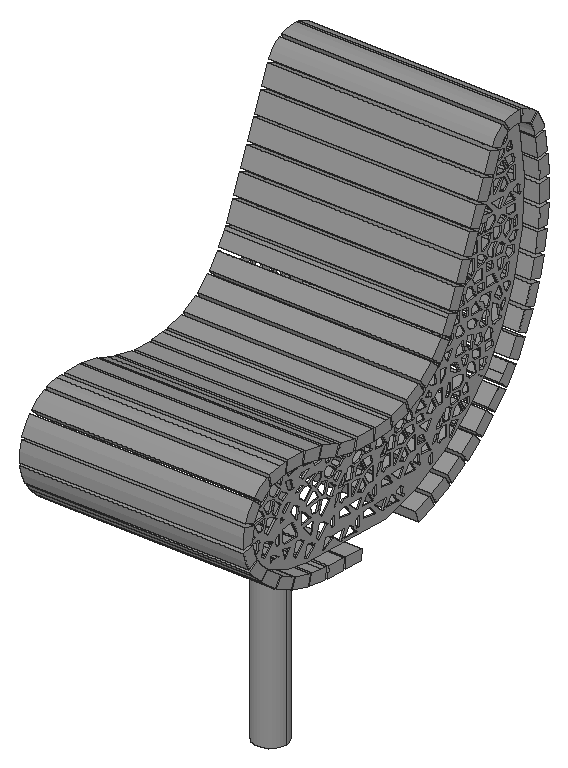
Revit family "Кресло стальное «Филигран Уно» Арт 14883", category Антураж, Revit 2018 (continued)
Forms (mm)
  Extrusion 3, solid, material "Сталь" <- "Цвет опор"
    sketch origin (0, 0, 0) x (0, 1, 0) y (0, 0, 1)
      loop
        line (420.931, 368.55) -> (398.935, 391.622) -> (383.939, 391.98) -> (374.725, 383.196) -> (374.367, 368.2) -> (394.497, 353.376) -> (409.493, 353.018) -> (420.931, 368.55)
      loop
        line (355.99, 392.648) -> (329.307, 374.899) -> (329.041, 363.782) -> (342.842, 349.307) -> (368.731, 366.528) -> (369.124, 382.976) -> (355.99, 392.648)
      loop
        line (302.127, 386.861) -> (317.149, 371.104) -> (349.761, 392.797) -> (309.365, 393.762) -> (302.127, 386.861)
      loop
        line (302.849, 328.005) -> (329.794, 353.693) -> (320.668, 367.413) -> (301.817, 372.95) -> (278.017, 359.83) -> (277.659, 344.835) -> (290.362, 341.104) -> (302.849, 328.005)
      loop
        line (331.473, 346.782) -> (306.14, 322.631) -> (305.837, 309.941) -> (358.054, 316.279) -> (344.912, 340.12) -> (331.473, 346.782)
      loop
        line (391.826, 350.991) -> (369.234, 357.627) -> (349.52, 344.513) -> (366.703, 318.682) -> (381.095, 314.454) -> (391.826, 350.991)
      loop
        line (276.906, 365.028) -> (299.55, 377.51) -> (285.992, 384.23) -> (257.716, 370.664) -> (276.906, 365.028)
      loop
        line (321.112, 304.721) -> (329.815, 281.284) -> (351.753, 276.874) -> (362.43, 313.226) -> (321.112, 304.721)
      loop
        line (324.076, 273.599) -> (286.798, 312.702) -> (285.675, 265.694) -> (324.076, 273.599)
      loop
        line (277.229, 326.823) -> (257.098, 341.647) -> (242.622, 327.847) -> (272.674, 282.671) -> (277.229, 326.823)
      loop
        line (249.566, 355.282) -> (225.861, 360.048) -> (211.173, 340.104) -> (221.872, 328.881) -> (249.566, 355.282)
      loop
        line (605.719, 424.728) -> (573.842, 424.728) -> (563.236, 414.122) -> (563.236, 401.391) -> (573.842, 390.784) -> (598.462, 395.125) -> (609.069, 405.732) -> (605.719, 424.728)
      loop
        line (598.345, 391.546) -> (577.954, 379.774) -> (573.842, 356.455) -> (604.395, 351.068) -> (617.385, 358.568) -> (598.345, 391.546)
      loop
        line (331.898, 434.536) -> (336.659, 413.292) -> (375.785, 415.091) -> (341.656, 436.723) -> (331.898, 434.536)
      loop
        line (299.034, 428.811) -> (324.872, 427.848) -> (316.713, 440.591) -> (285.488, 443.525) -> (299.034, 428.811)
      loop
        line (270.58, 434.539) -> (252.715, 450.833) -> (229.854, 441.302) -> (233.244, 426.172) -> (270.58, 434.539)
      loop
        line (277.378, 411.61) -> (292.401, 395.852) -> (325.012, 417.545) -> (284.616, 418.51) -> (277.378, 411.61)
      loop
        line (687.793, 173.993) -> (680.044, 217.938) -> (653.647, 199.454) -> (687.793, 173.993)
      loop
        line (615.464, 172.718) -> (668.531, 169.937) -> (643.777, 205.289) -> (615.464, 172.718)
      loop
        line (625.666, 202.714) -> (571.64, 202.714) -> (604.889, 169.465) -> (625.666, 202.714)
      loop
        line (554.817, 205.532) -> (530.197, 201.191) -> (530.197, 181.191) -> (583.631, 171.769) -> (554.817, 205.532)
      loop
        line (515.13, 205.147) -> (495.324, 191.279) -> (499.625, 166.886) -> (515.13, 166.886) -> (515.13, 205.147)
      loop
        line (451.111, 157.902) -> (504.178, 155.121) -> (479.424, 190.472) -> (451.111, 157.902)
      loop
        line (461.312, 187.898) -> (407.287, 187.898) -> (440.536, 154.649) -> (461.312, 187.898)
      loop
        line (357.246, 195.57) -> (391.782, 228.495) -> (372.375, 242.785) -> (354.807, 246.318) -> (343.987, 209.477) -> (357.246, 195.57)
      loop
        line (267.904, 184.725) -> (302.44, 217.65) -> (283.034, 231.941) -> (265.466, 235.473) -> (254.645, 198.633) -> (267.904, 184.725)
      loop
        line (311.487, 164.378) -> (346.023, 190.417) -> (326.617, 204.708) -> (309.048, 208.24) -> (298.228, 171.399) -> (311.487, 164.378)
      loop
        line (380.423, 159.244) -> (414.959, 178.261) -> (395.553, 192.552) -> (377.985, 196.084) -> (367.165, 159.244) -> (380.423, 159.244)
      loop
        line (251.989, 409.226) -> (241.68, 419.536) -> (221.601, 419.536) -> (233.442, 391.133) -> (257.31, 383.378) -> (251.989, 409.226)
      loop
        line (273.653, 255.115) -> (249.185, 297.496) -> (211.226, 289.682) -> (211.226, 256.419) -> (223.653, 243.992) -> (273.653, 243.992) -> (273.653, 255.115)
      loop
        line (209.309, 334.893) -> (199.617, 305.066) -> (217.451, 315.363) -> (209.309, 334.893)
      loop
        line (205.126, 288.553) -> (185.319, 274.685) -> (189.62, 250.292) -> (205.126, 250.292) -> (205.126, 288.553)
      loop
        line (218.031, 463.039) -> (189.08, 435.438) -> (213.231, 410.105) -> (218.031, 463.039)
      loop
        line (200.781, 471.704) -> (165.762, 452.4) -> (170.551, 439.502) -> (185.547, 439.143) -> (209.79, 462.255) -> (200.781, 471.704)
      loop
        line (208.868, 401.692) -> (197.009, 385.588) -> (213.542, 368.246) -> (239.497, 382.553) -> (208.868, 401.692)
      loop
        line (191.499, 336.585) -> (208.989, 360.336) -> (182.517, 388.102) -> (171.674, 351.184) -> (191.499, 336.585)
      loop
        line (156.082, 298.099) -> (190.618, 331.024) -> (171.212, 345.315) -> (153.644, 348.847) -> (142.823, 312.007) -> (156.082, 298.099)
      loop
        line (81.62, 300.429) -> (116.224, 260.101) -> (124.731, 302.411) -> (81.62, 300.429)
      loop
        line (207.225, 408.694) -> (185.229, 431.766) -> (170.233, 432.124) -> (161.018, 423.34) -> (160.66, 408.344) -> (180.791, 393.52) -> (195.786, 393.161) -> (207.225, 408.694)
      loop
        line (142.283, 432.792) -> (115.601, 415.042) -> (115.335, 403.926) -> (129.136, 389.45) -> (155.025, 406.672) -> (155.418, 423.12) -> (142.283, 432.792)
      loop
        line (88.42, 427.005) -> (103.443, 411.247) -> (136.054, 432.941) -> (95.658, 433.905) -> (88.42, 427.005)
      loop
        line (89.143, 368.149) -> (116.088, 393.837) -> (106.962, 407.557) -> (88.11, 413.093) -> (64.311, 399.974) -> (63.953, 384.978) -> (76.655, 381.248) -> (89.143, 368.149)
      loop
        line (117.766, 386.926) -> (92.434, 362.775) -> (92.131, 350.085) -> (144.348, 356.423) -> (131.206, 380.264) -> (117.766, 386.926)
      loop
        line (178.12, 391.135) -> (155.528, 397.77) -> (135.813, 384.656) -> (152.996, 358.825) -> (167.388, 354.598) -> (178.12, 391.135)
      loop
        line (63.2, 405.171) -> (85.843, 417.654) -> (72.286, 424.374) -> (56.729, 416.91) -> (63.2, 405.171)
      loop
        line (107.406, 344.865) -> (116.109, 321.428) -> (138.046, 317.018) -> (148.723, 353.37) -> (107.406, 344.865)
      loop
        line (110.37, 313.743) -> (73.091, 352.846) -> (71.969, 305.838) -> (110.37, 313.743)
      loop
        line (118.191, 474.68) -> (122.952, 453.436) -> (162.079, 455.235) -> (127.949, 476.867) -> (118.191, 474.68)
      loop
        line (247.606, 228.041) -> (209.546, 239.22) -> (224.694, 196.928) -> (247.606, 228.041)
      loop
        line (143.539, 235.713) -> (178.075, 268.638) -> (158.669, 282.929) -> (141.101, 286.461) -> (130.28, 249.621) -> (143.539, 235.713)
      loop
        line (176.601, 218.405) -> (201.253, 218.405) -> (181.847, 232.696) -> (164.279, 236.228) -> (164.279, 210.208) -> (176.601, 218.405)
      loop
        line (881.185, 644.818) -> (850.284, 642.114) -> (850.284, 615.326) -> (868.016, 602.104) -> (881.185, 615.272) -> (881.185, 644.818)
      loop
        line (949.41, 670.139) -> (926.053, 693.496) -> (908.027, 687.055) -> (908.027, 658.667) -> (933.027, 658.667) -> (949.41, 670.139)
      loop
        line (862.057, 650.287) -> (897.057, 650.287) -> (899.647, 687.331) -> (874.729, 675.159) -> (862.057, 650.287)
      loop
        line (905.383, 605.373) -> (928.154, 607.365) -> (919.297, 649.037) -> (896.18, 637.745) -> (892.707, 618.049) -> (905.383, 605.373)
      loop
        line (940.304, 608.208) -> (969.02, 614.312) -> (956.167, 650.287) -> (936.585, 650.287) -> (927.804, 629.859) -> (940.304, 608.208)
      loop
        line (976.585, 614.312) -> (1006.365, 614.312) -> (1006.365, 640.46) -> (976.585, 640.46) -> (976.585, 614.312)
      loop
        line (1010.196, 615.272) -> (1056.141, 615.272) -> (1035.925, 650.287) -> (1010.196, 650.287) -> (1010.196, 615.272)
      loop
        line (1096.256, 614.312) -> (1103.084, 653.04) -> (1089.486, 653.04) -> (1064.737, 628.291) -> (1071.256, 614.312) -> (1096.256, 614.312)
      loop
        line (1102.009, 658.879) -> (1122.727, 668.54) -> (1122.727, 691.918) -> (1101.205, 698.911) -> (1093.248, 698.911) -> (1085.67, 684.039) -> (1102.009, 658.879)
      loop
        line (1082.901, 680.354) -> (1053.658, 677.796) -> (1056.573, 644.47) -> (1076.573, 644.47) -> (1082.901, 680.354)
      loop
        line (1029.507, 688.822) -> (1010.196, 688.822) -> (1010.196, 661.015) -> (1040.615, 661.015) -> (1038.436, 685.92) -> (1029.507, 688.822)
      loop
        line (1000.196, 681.534) -> (974.009, 683.365) -> (956.032, 665.388) -> (967.228, 645.996) -> (1000.196, 645.996) -> (1000.196, 681.534)
      loop
        line (927.323, 723.893) -> (905.6, 723.893) -> (896.893, 703.636) -> (914.713, 694.556) -> (927.323, 723.893)
      loop
        line (967.228, 725.245) -> (940.334, 725.245) -> (927.834, 703.595) -> (956.621, 672.724) -> (967.228, 683.331) -> (967.228, 725.245)
      loop
        line (989.009, 723.893) -> (974.009, 723.893) -> (974.009, 688.822) -> (1004.009, 688.822) -> (1012.096, 699.668) -> (1009.82, 710.378) -> (989.009, 723.893)
      loop
        line (1057.346, 729.7) -> (1033.898, 737.319) -> (1014.469, 721.586) -> (1018.627, 702.023) -> (1042.056, 688.497) -> (1043.222, 710.76) -> (1057.346, 729.7)
      loop
        line (1083.392, 708.767) -> (1064.669, 727.49) -> (1050.279, 708.193) -> (1046.806, 688.497) -> (1076.806, 688.497) -> (1083.392, 708.767)
      loop
        line (1116.981, 732.979) -> (1094.23, 719.844) -> (1107.366, 703.622) -> (1128.913, 703.622) -> (1134.09, 732.979) -> (1116.981, 732.979)
      loop
        line (1136.575, 776.964) -> (1116.981, 765.652) -> (1116.981, 739.261) -> (1134.599, 739.261) -> (1136.575, 776.964)
      loop
        line (1110.734, 767.88) -> (1100.85, 777.764) -> (1078.852, 765.064) -> (1075.379, 745.368) -> (1086.445, 726.201) -> (1109.103, 736.767) -> (1110.734, 767.88)
      loop
        line (1054.049, 773.606) -> (1038.304, 773.606) -> (1036.668, 742.375) -> (1060.921, 734.495) -> (1071.052, 748.081) -> (1071.052, 768.081) -> (1054.049, 773.606)
      loop
        line (1032.466, 770.234) -> (989.009, 770.234) -> (989.009, 729.385) -> (1002.374, 722.575) -> (1026.521, 736.517) -> (1032.466, 770.234)
      loop
        line (968.125, 770.234) -> (946.912, 749.02) -> (943.752, 731.102) -> (980.516, 731.102) -> (980.516, 770.234) -> (968.125, 770.234)
      loop
        line (938.024, 761.388) -> (915.059, 771.259) -> (905.381, 741.475) -> (932.112, 727.855) -> (938.024, 761.388)
      loop
        line (956.19, 803.394) -> (922.054, 776.725) -> (939.846, 765.607) -> (960.324, 779.947) -> (956.19, 803.394)
      loop
        line (973.942, 850.595) -> (954.135, 836.727) -> (958.436, 812.334) -> (973.942, 812.334) -> (973.942, 850.595)
      loop
        line (1009.175, 805.706) -> (984.757, 810.012) -> (973.942, 776.725) -> (996.717, 776.725) -> (1009.175, 805.706)
      loop
        line (1044.886, 814.354) -> (1015.11, 810.169) -> (1003.23, 773.606) -> (1033.23, 773.606) -> (1050.907, 791.284) -> (1046.152, 818.251) -> (1044.886, 814.354)
      loop
        line (1095.102, 781.967) -> (1068.332, 801.928) -> (1053.447, 781.967) -> (1073.451, 769.467) -> (1095.102, 781.967)
      loop
        line (1129.049, 807.565) -> (1089.049, 807.565) -> (1089.049, 792.565) -> (1106.01, 781.967) -> (1129.049, 781.967) -> (1129.049, 807.565)
      loop
        line (1138.856, 863.385) -> (1112.459, 844.902) -> (1146.604, 819.441) -> (1138.856, 863.385)
      loop
        line (1102.589, 850.737) -> (1074.276, 818.166) -> (1127.343, 815.385) -> (1102.589, 850.737)
      loop
        line (1084.477, 848.162) -> (1030.452, 848.162) -> (1063.701, 814.913) -> (1084.477, 848.162)
      loop
        line (1013.629, 850.98) -> (989.009, 846.639) -> (989.009, 826.639) -> (1042.442, 817.217) -> (1013.629, 850.98)
      loop
        line (992.344, 902.11) -> (978.125, 896.935) -> (968.433, 867.108) -> (985.754, 877.108) -> (992.344, 902.11)
      loop
        line (1030.452, 907.567) -> (1014.224, 910.428) -> (997.209, 900.605) -> (990.282, 874.326) -> (1000.889, 863.72) -> (1012.354, 870.339) -> (1030.452, 870.339) -> (1030.452, 907.567)
      loop
        line (1050.708, 909.143) -> (1036.612, 904.013) -> (1036.612, 869.013) -> (1045.588, 860.037) -> (1077.031, 902.205) -> (1050.708, 909.143)
      loop
        line (1082.261, 903.265) -> (1059.907, 867.491) -> (1082.875, 857.619) -> (1101.204, 870.453) -> (1082.261, 903.265)
      loop
        line (1103.608, 913.984) -> (1088.929, 903.706) -> (1108.128, 870.453) -> (1127.343, 870.453) -> (1127.343, 918.169) -> (1103.608, 913.984)
      loop
        line (1118.803, 951.691) -> (1080.44, 951.691) -> (1099.679, 918.368) -> (1123.925, 922.644) -> (1118.803, 951.691)
      loop
        line (1075.21, 950.601) -> (1054.819, 938.828) -> (1050.708, 915.509) -> (1081.26, 910.122) -> (1094.251, 917.622) -> (1075.21, 950.601)
      loop
        line (1048.029, 944.606) -> (1036.396, 956.239) -> (1020.332, 953.407) -> (1014.767, 921.847) -> (1022.63, 913.984) -> (1042.63, 913.984) -> (1048.029, 944.606)
      loop
        line (1015.926, 949.001) -> (987.354, 920.428) -> (987.354, 910.428) -> (1009.125, 910.428) -> (1015.926, 949.001)
      loop
        line (1008.425, 965.369) -> (1014.62, 954.64) -> (1034.998, 962.057) -> (1034.998, 974.417) -> (1019.442, 981.104) -> (1008.425, 965.369)
      loop
        line (1082.585, 983.782) -> (1050.708, 983.782) -> (1040.101, 973.176) -> (1040.101, 960.445) -> (1050.708, 949.838) -> (1075.328, 954.179) -> (1085.934, 964.786) -> (1082.585, 983.782)
      loop
        line (1102.668, 994.022) -> (1088.787, 980.141) -> (1092.26, 960.445) -> (1117.26, 960.445) -> (1112.05, 989.989) -> (1102.668, 994.022)
      loop
        line (1075.708, 1029.103) -> (1050.708, 1029.103) -> (1050.708, 989.103) -> (1085.708, 989.103) -> (1096.314, 999.71) -> (1096.314, 1020.246) -> (1075.708, 1029.103)
      loop
        line (1032.532, 1022.597) -> (1022.34, 983.93) -> (1034.981, 978.497) -> (1045.588, 989.103) -> (1045.588, 1022.597) -> (1032.532, 1022.597)
    from 645 to 650
  Extrusion 4, solid, material "Сталь" <- "Цвет опор"
    sketch origin (0, -10, 0) x (1, 0, 0) y (0, 1, 0)
      loop
        circle (350, 552.692) r 50
    from -545.375 to 425.46
  Extrusion 5, solid, material "Сталь" <- "Цвет опор"
    sketch origin (0, 0, 0) x (1, 0, 0) y (0, 1, 0)
      loop
        circle (350, 542.692) r 50
      loop
        circle (350, 542.692) r 65
    from 0 to 10
  Extrusion 6, solid, material "Сталь" <- "Цвет опор"
    sketch origin (0, 0, 0) x (1, 0, 0) y (0, 1, 0)
      loop
        circle (350, 542.692) r 50
      loop
        circle (350, 542.692) r 65
    from 10 to 20
Dimensions and locks
  "Длина": plane 3 "По центру (Влево/Вправо)" to plane 4
  "Ширина": plane 5 to plane 1 "По центру (Вперед/Назад)"
  "Высота": plane 6 to plane 2
  aligned and locked: level to plane 2
Automatic sketch dimensions
  Extrusion 1 sketch curve to Extrusion 1 sketch curve = 0 mm  (x1154)
  plane 1 "По центру (Вперед/Назад)" to Extrusion 1 sketch curve = 1.552 mm
  plane 1 "По центру (Вперед/Назад)" to Extrusion 1 sketch curve = 0.364 mm
  Extrusion 1 sketch curve to plane 1 "По центру (Вперед/Назад)" = 4.368 mm
  Extrusion 1 sketch curve to plane 1 "По центру (Вперед/Назад)" = 7.494 mm
  Extrusion 1 sketch curve to plane 1 "По центру (Вперед/Назад)" = 19.395 mm
  Extrusion 1 sketch curve to Extrusion 1 sketch curve = 5.278 mm
  Extrusion 1 sketch curve to plane 1 "По центру (Вперед/Назад)" = 33.251 mm
  Extrusion 1 sketch curve to Extrusion 1 sketch curve = 0.883 mm
  Extrusion 1 sketch curve to plane 1 "По центру (Вперед/Назад)" = 37.98 mm
  Extrusion 1 sketch curve to Extrusion 1 sketch curve = 33.779 mm
  Extrusion 1 sketch curve to Extrusion 1 sketch curve = 2.486 mm
  Extrusion 1 sketch curve to Extrusion 1 sketch curve = 6.852 mm
  Extrusion 1 sketch curve to Extrusion 1 sketch curve = 29.924 mm
  Extrusion 1 sketch curve to Extrusion 1 sketch curve = 4.086 mm
  Extrusion 1 sketch curve to Extrusion 1 sketch curve = 26.711 mm
  Extrusion 1 sketch curve to Extrusion 1 sketch curve = 40.315 mm
  Extrusion 1 sketch curve to Extrusion 1 sketch curve = 5.387 mm
  Extrusion 1 sketch curve to Extrusion 1 sketch curve = 7.49 mm
  Extrusion 1 sketch curve to Extrusion 1 sketch curve = 23.511 mm
  Extrusion 1 sketch curve to Extrusion 1 sketch curve = 49.322 mm
  Extrusion 1 sketch curve to Extrusion 1 sketch curve = 6.842 mm
  Extrusion 1 sketch curve to Extrusion 1 sketch curve = 9.188 mm
  Extrusion 1 sketch curve to Extrusion 1 sketch curve = 9.29 mm
  Extrusion 1 sketch curve to Extrusion 1 sketch curve = 6.885 mm
  Extrusion 1 sketch curve to Extrusion 1 sketch curve = 48.163 mm
  Extrusion 1 sketch curve to Extrusion 1 sketch curve = 8.519 mm
  Extrusion 1 sketch curve to Extrusion 1 sketch curve = 18.698 mm
  Extrusion 1 sketch curve to Extrusion 1 sketch curve = 7.782 mm
  Extrusion 1 sketch curve to Extrusion 1 sketch curve = 54.656 mm
  Extrusion 1 sketch curve to Extrusion 1 sketch curve = 50.29 mm
  Extrusion 1 sketch curve to Extrusion 1 sketch curve = 2.135 mm
  Extrusion 1 sketch curve to Extrusion 1 sketch curve = 9.429 mm
  Extrusion 1 sketch curve to Extrusion 1 sketch curve = 10.053 mm
  Extrusion 1 sketch curve to Extrusion 1 sketch curve = 53.587 mm
  Extrusion 1 sketch curve to Extrusion 1 sketch curve = 0.18 mm
  Extrusion 1 sketch curve to Extrusion 1 sketch curve = 9.293 mm
  Extrusion 1 sketch curve to Extrusion 1 sketch curve = 13.327 mm
  Extrusion 1 sketch curve to Extrusion 1 sketch curve = 8.489 mm
  Extrusion 1 sketch curve to Extrusion 1 sketch curve = 55.548 mm
  Extrusion 1 sketch curve to Extrusion 1 sketch curve = 7.242 mm
  Extrusion 1 sketch curve to Extrusion 1 sketch curve = 9.36 mm
  Extrusion 1 sketch curve to Extrusion 1 sketch curve = 9.969 mm
  Extrusion 1 sketch curve to Extrusion 1 sketch curve = 57.411 mm
  Extrusion 1 sketch curve to Extrusion 1 sketch curve = 7.559 mm
  Extrusion 1 sketch curve to Extrusion 1 sketch curve = 9.79 mm
  Extrusion 1 sketch curve to Extrusion 1 sketch curve = 8.943 mm
  Extrusion 1 sketch curve to Extrusion 1 sketch curve = 54.408 mm
  Extrusion 1 sketch curve to Extrusion 1 sketch curve = 9.051 mm
  Extrusion 1 sketch curve to Extrusion 1 sketch curve = 12.183 mm
  Extrusion 1 sketch curve to Extrusion 1 sketch curve = 9.61 mm
  level to Extrusion 1 sketch curve = 121.143 mm
  Extrusion 1 sketch curve to Extrusion 1 sketch curve = 59.482 mm
  level to Extrusion 1 sketch curve = 156.022 mm
  Extrusion 1 sketch curve to Extrusion 1 sketch curve = 2.912 mm
  level to Extrusion 1 sketch curve = 120.323 mm
  Extrusion 1 sketch curve to Extrusion 1 sketch curve = 9.966 mm
  Extrusion 1 sketch curve to Extrusion 1 sketch curve = 9.886 mm
  Extrusion 1 sketch curve to Extrusion 1 sketch curve = 25.806 mm
  Extrusion 1 sketch curve to Extrusion 1 sketch curve = 56.685 mm
  Extrusion 1 sketch curve to Extrusion 1 sketch curve = 10.29 mm
  Extrusion 1 sketch curve to Extrusion 1 sketch curve = 13.466 mm
  Extrusion 1 sketch curve to Extrusion 1 sketch curve = 9.567 mm
  Extrusion 1 sketch curve to Extrusion 1 sketch curve = 42.006 mm
  level to Extrusion 1 sketch curve = 115.883 mm
  Extrusion 1 sketch curve to Extrusion 1 sketch curve = 59.835 mm
  level to Extrusion 1 sketch curve = 150.804 mm
  Extrusion 1 sketch curve to Extrusion 1 sketch curve = 2.348 mm
  level to Extrusion 1 sketch curve = 115.223 mm
  Extrusion 1 sketch curve to Extrusion 1 sketch curve = 9.978 mm
  level to Extrusion 1 sketch curve = 150.15 mm
  Extrusion 1 sketch curve to Extrusion 1 sketch curve = 9.898 mm
  Extrusion 1 sketch curve to Extrusion 1 sketch curve = 63 mm
  Extrusion 1 sketch curve to Extrusion 1 sketch curve = 8.285 mm
  Extrusion 1 sketch curve to Extrusion 1 sketch curve = 10.661 mm
  Extrusion 1 sketch curve to Extrusion 1 sketch curve = 9.902 mm
  level to Extrusion 1 sketch curve = 111.751 mm
  Extrusion 1 sketch curve to Extrusion 1 sketch curve = 59.899 mm
  level to Extrusion 1 sketch curve = 146.705 mm
  Extrusion 1 sketch curve to Extrusion 1 sketch curve = 100.074 mm
  Extrusion 1 sketch curve to Extrusion 1 sketch curve = 64.46 mm
  Extrusion 1 sketch curve to Extrusion 1 sketch curve = 25.405 mm
  Extrusion 1 sketch curve to Extrusion 1 sketch curve = 2.905 mm
  Extrusion 1 sketch curve to Extrusion 1 sketch curve = 10.776 mm
  Extrusion 1 sketch curve to Extrusion 1 sketch curve = 9.999 mm
  Extrusion 1 sketch curve to Extrusion 1 sketch curve = 43.77 mm
  Extrusion 1 sketch curve to Extrusion 1 sketch curve = 53.597 mm
  Extrusion 1 sketch curve to Extrusion 1 sketch curve = 4.14 mm
  Extrusion 1 sketch curve to Extrusion 1 sketch curve = 8.908 mm
  Extrusion 1 sketch curve to Extrusion 1 sketch curve = 9.954 mm
  Extrusion 1 sketch curve to Extrusion 1 sketch curve = 51.604 mm
  Extrusion 1 sketch curve to Extrusion 1 sketch curve = 8.39 mm
  Extrusion 1 sketch curve to Extrusion 1 sketch curve = 11.274 mm
  Extrusion 1 sketch curve to Extrusion 1 sketch curve = 9.384 mm
  level to Extrusion 1 sketch curve = 155.224 mm
  Extrusion 1 sketch curve to Extrusion 1 sketch curve = 213.885 mm
  level to Extrusion 1 sketch curve = 122.244 mm
  Extrusion 1 sketch curve to Extrusion 1 sketch curve = 11.875 mm
  Extrusion 1 sketch curve to Extrusion 1 sketch curve = 47.423 mm
  Extrusion 1 sketch curve to Extrusion 1 sketch curve = 7.434 mm
  Extrusion 1 sketch curve to Extrusion 1 sketch curve = 17.916 mm
  Extrusion 1 sketch curve to Extrusion 1 sketch curve = 8.324 mm
  level to Extrusion 1 sketch curve = 173.768 mm
  Extrusion 1 sketch curve to Extrusion 1 sketch curve = 53.966 mm
  Extrusion 1 sketch curve to Extrusion 1 sketch curve = 41.183 mm
  level to Extrusion 1 sketch curve = 177.293 mm
  Extrusion 1 sketch curve to Extrusion 1 sketch curve = 8.836 mm
  Extrusion 1 sketch curve to Extrusion 1 sketch curve = 6.237 mm
  level to Extrusion 1 sketch curve = 141.892 mm
  level to Extrusion 1 sketch curve = 145.623 mm
  Extrusion 1 sketch curve to Extrusion 1 sketch curve = 9.278 mm
  Extrusion 1 sketch curve to Extrusion 1 sketch curve = 23.769 mm
  Extrusion 1 sketch curve to Extrusion 1 sketch curve = 6.994 mm
  Extrusion 1 sketch curve to Extrusion 1 sketch curve = 33.151 mm
  Extrusion 1 sketch curve to Extrusion 1 sketch curve = 4.768 mm
  level to Extrusion 1 sketch curve = 200.994 mm
  Extrusion 1 sketch curve to Extrusion 1 sketch curve = 8.451 mm
  Extrusion 1 sketch curve to Extrusion 1 sketch curve = 19.885 mm
  Extrusion 1 sketch curve to Extrusion 1 sketch curve = 28.589 mm
  Extrusion 1 sketch curve to Extrusion 1 sketch curve = 4.112 mm
  level to Extrusion 1 sketch curve = 170.687 mm
  Extrusion 1 sketch curve to Extrusion 1 sketch curve = 3.949 mm  (x11)
  Extrusion 1 sketch curve to Extrusion 1 sketch curve = 5.359 mm
  level to Extrusion 1 sketch curve = 175.302 mm
  Extrusion 1 sketch curve to Extrusion 1 sketch curve = 8.871 mm
  Extrusion 1 sketch curve to Extrusion 1 sketch curve = 23.694 mm  (x6)
  Extrusion 1 sketch curve to Extrusion 1 sketch curve = 32.187 mm
  Extrusion 1 sketch curve to Extrusion 1 sketch curve = 4.079 mm
  Extrusion 1 sketch curve to Extrusion 1 sketch curve = 49.359 mm
  Extrusion 1 sketch curve to Extrusion 1 sketch curve = 7.987 mm
  level to Extrusion 1 sketch curve = 205.543 mm
  Extrusion 1 sketch curve to Extrusion 1 sketch curve = 8.38 mm
  Extrusion 1 sketch curve to Extrusion 1 sketch curve = 46.342 mm
  Extrusion 1 sketch curve to Extrusion 1 sketch curve = 7.447 mm
  Extrusion 1 sketch curve to Extrusion 1 sketch curve = 23.142 mm
  Extrusion 1 sketch curve to Extrusion 1 sketch curve = 7.811 mm
  Extrusion 1 sketch curve to plane 6 = 128.214 mm
  Extrusion 1 sketch curve to plane 6 = 119.027 mm
  Extrusion 1 sketch curve to Extrusion 1 sketch curve = 42.887 mm
  Extrusion 1 sketch curve to Extrusion 1 sketch curve = 6.836 mm
  Extrusion 1 sketch curve to plane 6 = 63.904 mm
  Extrusion 1 sketch curve to plane 6 = 54.885 mm
  Extrusion 1 sketch curve to Extrusion 1 sketch curve = 4.342 mm
  Extrusion 1 sketch curve to Extrusion 1 sketch curve = 25.591 mm
  Extrusion 1 sketch curve to plane 6 = 132.849 mm
  Extrusion 1 sketch curve to Extrusion 1 sketch curve = 7.167 mm
  Extrusion 1 sketch curve to Extrusion 1 sketch curve = 39.025 mm
  Extrusion 1 sketch curve to Extrusion 1 sketch curve = 6.161 mm
  Extrusion 1 sketch curve to plane 6 = 68.789 mm
  Extrusion 1 sketch curve to Extrusion 1 sketch curve = 4.532 mm
  Extrusion 1 sketch curve to plane 6 = 12.502 mm
  Extrusion 1 sketch curve to Extrusion 1 sketch curve = 9.027 mm
  Extrusion 1 sketch curve to plane 6 = 7.95 mm
  Extrusion 1 sketch curve to Extrusion 1 sketch curve = 8.9 mm
  Extrusion 1 sketch curve to Extrusion 1 sketch curve = 27.798 mm
  Extrusion 1 sketch curve to Extrusion 1 sketch curve = 6.455 mm
  Extrusion 1 sketch curve to plane 6 = 41.393 mm
  Extrusion 1 sketch curve to Extrusion 1 sketch curve = 20.122 mm
  Extrusion 1 sketch curve to Extrusion 1 sketch curve = 33.685 mm
  Extrusion 1 sketch curve to plane 6 = 38.58 mm
  Extrusion 1 sketch curve to Extrusion 1 sketch curve = 6.137 mm
  Extrusion 1 sketch curve to Extrusion 1 sketch curve = 5.095 mm
  Extrusion 1 sketch curve to Extrusion 1 sketch curve = 29.513 mm
  Extrusion 1 sketch curve to Extrusion 1 sketch curve = 28.451 mm
  Extrusion 1 sketch curve to Extrusion 1 sketch curve = 5.324 mm
  Extrusion 1 sketch curve to Extrusion 1 sketch curve = 4.382 mm
  Extrusion 1 sketch curve to plane 6 = 34.38 mm
  plane 6 to Extrusion 1 sketch curve = 0.798 mm
  Extrusion 1 sketch curve to plane 6 = 35.85 mm
  Extrusion 1 sketch curve to Extrusion 1 sketch curve = 6.59 mm
  Extrusion 1 sketch curve to plane 6 = 0.956 mm
  Extrusion 1 sketch curve to Extrusion 1 sketch curve = 9.841 mm
  Extrusion 1 sketch curve to Extrusion 1 sketch curve = 24.071 mm
  Extrusion 1 sketch curve to Extrusion 1 sketch curve = 31.017 mm
  Extrusion 1 sketch curve to Extrusion 1 sketch curve = 3.636 mm
  Extrusion 1 sketch curve to Extrusion 1 sketch curve = 4.578 mm
  Extrusion 1 sketch curve to plane 6 = 56.555 mm
  Extrusion 1 sketch curve to Extrusion 1 sketch curve = 19.514 mm
  Extrusion 1 sketch curve to Extrusion 1 sketch curve = 2.864 mm
  Extrusion 1 sketch curve to Extrusion 1 sketch curve = 4.36 mm
  Extrusion 1 sketch curve to Extrusion 1 sketch curve = 32.293 mm
  Extrusion 1 sketch curve to Extrusion 1 sketch curve = 3.799 mm
  Extrusion 1 sketch curve to Extrusion 1 sketch curve = 14.813 mm
  Extrusion 1 sketch curve to Extrusion 1 sketch curve = 14.746 mm
  Extrusion 1 sketch curve to Extrusion 1 sketch curve = 2.07 mm
  Extrusion 1 sketch curve to Extrusion 1 sketch curve = 1.969 mm
  Extrusion 1 sketch curve to plane 6 = 29.403 mm
  Extrusion 1 sketch curve to Extrusion 1 sketch curve = 6.779 mm
  Extrusion 1 sketch curve to plane 5 = 52.141 mm
  Extrusion 1 sketch curve to plane 5 = 51.42 mm
  Extrusion 1 sketch curve to Extrusion 1 sketch curve = 1.262 mm
  Extrusion 1 sketch curve to Extrusion 1 sketch curve = 1.196 mm
  Extrusion 1 sketch curve to Extrusion 1 sketch curve = 33.332 mm
  Extrusion 1 sketch curve to plane 5 = 45.761 mm
  Extrusion 1 sketch curve to Extrusion 1 sketch curve = 2.992 mm
  Extrusion 1 sketch curve to plane 5 = 45.498 mm
  Extrusion 1 sketch curve to Extrusion 1 sketch curve = 0.444 mm
  Extrusion 1 sketch curve to Extrusion 1 sketch curve = 0.378 mm
  Extrusion 1 sketch curve to plane 5 = 30.09 mm
  Extrusion 1 sketch curve to plane 5 = 28.851 mm
  Extrusion 1 sketch curve to Extrusion 1 sketch curve = 2.163 mm
  Extrusion 1 sketch curve to Extrusion 1 sketch curve = 2.105 mm
  Extrusion 1 sketch curve to plane 5 = 17.475 mm
  Extrusion 1 sketch curve to plane 5 = 16.722 mm
  Extrusion 1 sketch curve to Extrusion 1 sketch curve = 1.318 mm
  Extrusion 1 sketch curve to Extrusion 1 sketch curve = 1.25 mm
  Extrusion 1 sketch curve to plane 5 = 10.809 mm
  Extrusion 1 sketch curve to plane 5 = 10.534 mm
  Extrusion 1 sketch curve to Extrusion 1 sketch curve = 0.463 mm
  Extrusion 1 sketch curve to Extrusion 1 sketch curve = 0.395 mm
  level to Extrusion 1 sketch curve = 74.063 mm
  Extrusion 1 sketch curve to Extrusion 1 sketch curve = 7.438 mm
  Extrusion 1 sketch curve to Extrusion 1 sketch curve = 2.039 mm
  Extrusion 1 sketch curve to Extrusion 1 sketch curve = 17.245 mm
  Extrusion 1 sketch curve to Extrusion 1 sketch curve = 3.693 mm
  Extrusion 1 sketch curve to Extrusion 1 sketch curve = 34.35 mm
  Extrusion 1 sketch curve to Extrusion 1 sketch curve = 1.863 mm
  Extrusion 1 sketch curve to Extrusion 1 sketch curve = 5.237 mm
  Extrusion 1 sketch curve to Extrusion 1 sketch curve = 3.374 mm  (x2)
  Extrusion 1 sketch curve to Extrusion 1 sketch curve = 4.368 mm
  Extrusion 1 sketch curve to Extrusion 1 sketch curve = 5.456 mm
  Extrusion 1 sketch curve to Extrusion 1 sketch curve = 4.784 mm
  Extrusion 1 sketch curve to Extrusion 1 sketch curve = 6.625 mm
  Extrusion 1 sketch curve to Extrusion 1 sketch curve = 5.168 mm
  Extrusion 1 sketch curve to Extrusion 1 sketch curve = 6.052 mm
  Extrusion 1 sketch curve to Extrusion 1 sketch curve = 6.244 mm
  Extrusion 1 sketch curve to Extrusion 1 sketch curve = 44.27 mm
  Extrusion 1 sketch curve to Extrusion 1 sketch curve = 5.92 mm
  Extrusion 1 sketch curve to Extrusion 1 sketch curve = 8.492 mm
  Extrusion 1 sketch curve to Extrusion 1 sketch curve = 20.004 mm
  Extrusion 1 sketch curve to Extrusion 1 sketch curve = 6.66 mm
  Extrusion 1 sketch curve to Extrusion 1 sketch curve = 6.974 mm
  Extrusion 1 sketch curve to Extrusion 1 sketch curve = 6.616 mm
  Extrusion 1 sketch curve to Extrusion 1 sketch curve = 56.282 mm
  Extrusion 1 sketch curve to Extrusion 1 sketch curve = 9.928 mm
  Extrusion 1 sketch curve to Extrusion 1 sketch curve = 7.763 mm
  Extrusion 1 sketch curve to Extrusion 1 sketch curve = 7.638 mm
  Extrusion 1 sketch curve to Extrusion 1 sketch curve = 7.249 mm
  Extrusion 1 sketch curve to Extrusion 1 sketch curve = 48.6 mm
  Extrusion 1 sketch curve to Extrusion 1 sketch curve = 7.408 mm
  Extrusion 1 sketch curve to Extrusion 1 sketch curve = 8.465 mm
  Extrusion 1 sketch curve to Extrusion 1 sketch curve = 9.497 mm
  Extrusion 1 sketch curve to Extrusion 1 sketch curve = 18.815 mm
  Extrusion 1 sketch curve to Extrusion 1 sketch curve = 100.107 mm
  Extrusion 1 sketch curve to Extrusion 1 sketch curve = 0.099 mm
  Extrusion 1 sketch curve to Extrusion 1 sketch curve = 8.102 mm
  Extrusion 1 sketch curve to Extrusion 1 sketch curve = 4.422 mm
  Extrusion 1 sketch curve to Extrusion 1 sketch curve = 4.981 mm
  Extrusion 1 sketch curve to Extrusion 1 sketch curve = 1.569 mm
  Extrusion 1 sketch curve to Extrusion 1 sketch curve = 1.698 mm
  Extrusion 1 sketch curve to Extrusion 1 sketch curve = 5.659 mm
  Extrusion 1 sketch curve to Extrusion 1 sketch curve = 16.188 mm
  Extrusion 1 sketch curve to Extrusion 1 sketch curve = 3.2 mm
  Extrusion 1 sketch curve to Extrusion 1 sketch curve = 3.728 mm
  Extrusion 1 sketch curve to Extrusion 1 sketch curve = 52.102 mm
  Extrusion 1 sketch curve to Extrusion 1 sketch curve = 35.003 mm
  Extrusion 1 sketch curve to Extrusion 1 sketch curve = 0.155 mm
  Extrusion 1 sketch curve to Extrusion 1 sketch curve = 1.5 mm
  Extrusion 1 sketch curve to Extrusion 1 sketch curve = 1.394 mm
  Extrusion 1 sketch curve to Extrusion 1 sketch curve = 1.557 mm
  Extrusion 1 sketch curve to Extrusion 1 sketch curve = 8.89 mm
  Extrusion 1 sketch curve to Extrusion 1 sketch curve = 10.791 mm
  Extrusion 1 sketch curve to Extrusion 1 sketch curve = 2.534 mm
  Extrusion 1 sketch curve to Extrusion 1 sketch curve = 7.282 mm
  Extrusion 1 sketch curve to Extrusion 1 sketch curve = 3.089 mm
  Extrusion 1 sketch curve to Extrusion 1 sketch curve = 2.909 mm
  Extrusion 1 sketch curve to Extrusion 1 sketch curve = 1.083 mm
  Extrusion 1 sketch curve to Extrusion 1 sketch curve = 8.509 mm
  Extrusion 1 sketch curve to Extrusion 1 sketch curve = 0.406 mm
  Extrusion 1 sketch curve to Extrusion 1 sketch curve = 5.541 mm
  Extrusion 1 sketch curve to Extrusion 1 sketch curve = 10.845 mm
  Extrusion 1 sketch curve to Extrusion 1 sketch curve = 2.764 mm
  Extrusion 1 sketch curve to Extrusion 1 sketch curve = 3.697 mm
  Extrusion 1 sketch curve to Extrusion 1 sketch curve = 4.993 mm
  Extrusion 1 sketch curve to Extrusion 1 sketch curve = 1.234 mm
  Extrusion 1 sketch curve to Extrusion 1 sketch curve = 0.344 mm
  Extrusion 1 sketch curve to Extrusion 1 sketch curve = 7.147 mm
  Extrusion 1 sketch curve to Extrusion 1 sketch curve = 9.25 mm
  Extrusion 1 sketch curve to Extrusion 1 sketch curve = 8.853 mm
  Extrusion 1 sketch curve to Extrusion 1 sketch curve = 6.426 mm
  Extrusion 1 sketch curve to Extrusion 1 sketch curve = 8.442 mm
  Extrusion 1 sketch curve to Extrusion 1 sketch curve = 9.542 mm
  Extrusion 1 sketch curve to Extrusion 1 sketch curve = 7.58 mm
  Extrusion 1 sketch curve to Extrusion 1 sketch curve = 9.132 mm
  Extrusion 1 sketch curve to Extrusion 1 sketch curve = 9.187 mm  (x9)
  Extrusion 1 sketch curve to Extrusion 1 sketch curve = 9.763 mm
  Extrusion 1 sketch curve to Extrusion 1 sketch curve = 9.344 mm
  Extrusion 1 sketch curve to Extrusion 1 sketch curve = 9.913 mm
  Extrusion 1 sketch curve to Extrusion 1 sketch curve = 9.487 mm
  Extrusion 1 sketch curve to Extrusion 1 sketch curve = 9.989 mm
  Extrusion 1 sketch curve to Extrusion 1 sketch curve = 9.56 mm
  Extrusion 1 sketch curve to Extrusion 1 sketch curve = 9.563 mm
  Extrusion 1 sketch curve to Extrusion 1 sketch curve = 9.992 mm
  Extrusion 1 sketch curve to Extrusion 1 sketch curve = 9.496 mm
  Extrusion 1 sketch curve to Extrusion 1 sketch curve = 9.922 mm
  Extrusion 1 sketch curve to Extrusion 1 sketch curve = 6.517 mm
  Extrusion 1 sketch curve to Extrusion 1 sketch curve = 9.823 mm
  Extrusion 1 sketch curve to Extrusion 1 sketch curve = 7.347 mm
  Extrusion 1 sketch curve to plane 6 = 77.66 mm
  Extrusion 2 sketch curve to Extrusion 2 sketch curve = 0 mm  (x40)
  Extrusion 2 sketch curve to plane 1 "По центру (Вперед/Назад)" = 56.729 mm
  Extrusion 2 sketch curve to Extrusion 2 sketch curve = 6.471 mm
  Extrusion 2 sketch curve to Extrusion 2 sketch curve = 0.753 mm  (x3)
  Extrusion 2 sketch curve to Extrusion 2 sketch curve = 1.111 mm  (x2)
  Extrusion 2 sketch curve to plane 1 "По центру (Вперед/Назад)" = 71.969 mm
  Extrusion 2 sketch curve to Extrusion 2 sketch curve = 15.557 mm
  Extrusion 2 sketch curve to Extrusion 2 sketch curve = 9.139 mm  (x2)
  Extrusion 2 sketch curve to Extrusion 2 sketch curve = 12.703 mm  (x2)
  Extrusion 2 sketch curve to Extrusion 2 sketch curve = 9.651 mm  (x2)
  Extrusion 2 sketch curve to Extrusion 2 sketch curve = 13.558 mm  (x2)
  Extrusion 2 sketch curve to Extrusion 2 sketch curve = 2.267 mm  (x2)
  Extrusion 2 sketch curve to Extrusion 2 sketch curve = 2.577 mm  (x2)
  Extrusion 2 sketch curve to Extrusion 2 sketch curve = 12.488 mm  (x2)
  Extrusion 2 sketch curve to Extrusion 2 sketch curve = 2.988 mm  (x2)
  Extrusion 2 sketch curve to Extrusion 2 sketch curve = 3.291 mm  (x2)
  Extrusion 2 sketch curve to Extrusion 2 sketch curve = 7.238 mm  (x3)
  Extrusion 2 sketch curve to Extrusion 2 sketch curve = 15.333 mm  (x2)
  Extrusion 2 sketch curve to Extrusion 2 sketch curve = 3.519 mm  (x2)
  Extrusion 2 sketch curve to Extrusion 2 sketch curve = 15.275 mm  (x2)
  Extrusion 2 sketch curve to Extrusion 2 sketch curve = 2.964 mm  (x2)
  Extrusion 2 sketch curve to Extrusion 2 sketch curve = 8.374 mm  (x2)
  Extrusion 2 sketch curve to Extrusion 2 sketch curve = 0.265 mm  (x2)
  Extrusion 2 sketch curve to Extrusion 2 sketch curve = 5.739 mm  (x2)
  Extrusion 2 sketch curve to Extrusion 2 sketch curve = 34.604 mm
  Extrusion 2 sketch curve to Extrusion 2 sketch curve = 1.678 mm  (x2)
  Extrusion 2 sketch curve to Extrusion 2 sketch curve = 22.533 mm
  Extrusion 2 sketch curve to Extrusion 2 sketch curve = 4.761 mm
  Extrusion 2 sketch curve to Extrusion 2 sketch curve = 14.361 mm  (x2)
  Extrusion 2 sketch curve to Extrusion 2 sketch curve = 9.758 mm  (x2)
  Extrusion 2 sketch curve to Extrusion 2 sketch curve = 11.369 mm  (x2)
  Extrusion 2 sketch curve to Extrusion 2 sketch curve = 14.056 mm  (x2)
  Extrusion 2 sketch curve to Extrusion 2 sketch curve = 2.07 mm  (x2)
  Extrusion 2 sketch curve to Extrusion 2 sketch curve = 4.608 mm  (x2)
  Extrusion 2 sketch curve to Extrusion 2 sketch curve = 13.102 mm  (x2)
  Extrusion 2 sketch curve to Extrusion 2 sketch curve = 13.315 mm  (x2)
  Extrusion 2 sketch curve to Extrusion 2 sketch curve = 16.37 mm  (x2)
  Extrusion 2 sketch curve to Extrusion 2 sketch curve = 6.229 mm  (x2)
  Extrusion 2 sketch curve to Extrusion 2 sketch curve = 4.777 mm  (x2)
  Extrusion 2 sketch curve to Extrusion 2 sketch curve = 13.259 mm  (x4)
  Extrusion 2 sketch curve to Extrusion 2 sketch curve = 13.142 mm  (x2)
  Extrusion 2 sketch curve to Extrusion 2 sketch curve = 4.376 mm  (x2)
  Extrusion 2 sketch curve to Extrusion 2 sketch curve = 4.273 mm  (x2)
  Extrusion 2 sketch curve to Extrusion 2 sketch curve = 4.92 mm  (x2)
  Extrusion 2 sketch curve to Extrusion 2 sketch curve = 12.742 mm  (x2)
  Extrusion 2 sketch curve to Extrusion 2 sketch curve = 13.134 mm  (x2)
  Extrusion 2 sketch curve to Extrusion 2 sketch curve = 0.503 mm  (x2)
  Extrusion 2 sketch curve to Extrusion 2 sketch curve = 14.981 mm  (x2)
  Extrusion 2 sketch curve to Extrusion 2 sketch curve = 5.001 mm
  Extrusion 2 sketch curve to Extrusion 2 sketch curve = 2.587 mm  (x2)
  Extrusion 2 sketch curve to Extrusion 2 sketch curve = 5.635 mm  (x2)
  Extrusion 2 sketch curve to Extrusion 2 sketch curve = 5.601 mm  (x2)
  Extrusion 2 sketch curve to Extrusion 2 sketch curve = 19.795 mm  (x2)
  Extrusion 2 sketch curve to Extrusion 2 sketch curve = 20.74 mm  (x2)
  Extrusion 2 sketch curve to Extrusion 2 sketch curve = 3.683 mm  (x2)
  Extrusion 2 sketch curve to Extrusion 2 sketch curve = 9.391 mm
  Extrusion 2 sketch curve to Extrusion 2 sketch curve = 9.214 mm  (x2)
  Extrusion 2 sketch curve to Extrusion 2 sketch curve = 0.319 mm  (x4)
  Extrusion 2 sketch curve to Extrusion 2 sketch curve = 3.824 mm  (x2)
  Extrusion 2 sketch curve to Extrusion 2 sketch curve = 4.286 mm  (x2)
  Extrusion 2 sketch curve to Extrusion 2 sketch curve = 12.322 mm
  Extrusion 2 sketch curve to Extrusion 2 sketch curve = 19.406 mm  (x6)
  Extrusion 2 sketch curve to Extrusion 2 sketch curve = 22.592 mm  (x2)
  Extrusion 2 sketch curve to Extrusion 2 sketch curve = 2.671 mm  (x2)
  Extrusion 2 sketch curve to Extrusion 2 sketch curve = 5.246 mm
  Extrusion 2 sketch curve to Extrusion 2 sketch curve = 4.398 mm  (x2)
  level to Extrusion 2 sketch curve = 74.063 mm
  Extrusion 2 sketch curve to Extrusion 2 sketch curve = 18.648 mm
  Extrusion 2 sketch curve to Extrusion 2 sketch curve = 14.996 mm  (x5)
  Extrusion 2 sketch curve to Extrusion 2 sketch curve = 7.244 mm  (x2)
  Extrusion 2 sketch curve to Extrusion 2 sketch curve = 3.533 mm  (x2)
  Extrusion 2 sketch curve to Extrusion 2 sketch curve = 7.774 mm  (x2)
  Extrusion 2 sketch curve to Extrusion 2 sketch curve = 0.88 mm  (x2)
  Extrusion 2 sketch curve to Extrusion 2 sketch curve = 13.269 mm  (x2)
  Extrusion 2 sketch curve to Extrusion 2 sketch curve = 1.222 mm  (x2)
  Extrusion 2 sketch curve to Extrusion 2 sketch curve = 8.999 mm  (x2)
  Extrusion 2 sketch curve to Extrusion 2 sketch curve = 15.234 mm  (x2)
  Extrusion 2 sketch curve to Extrusion 2 sketch curve = 5.509 mm  (x3)
  Extrusion 2 sketch curve to Extrusion 2 sketch curve = 11.438 mm  (x2)
  Extrusion 2 sketch curve to Extrusion 2 sketch curve = 1.644 mm  (x2)
  Extrusion 2 sketch curve to Extrusion 2 sketch curve = 11.98 mm  (x2)
  Extrusion 2 sketch curve to Extrusion 2 sketch curve = 17.81 mm  (x2)
  Extrusion 2 sketch curve to Extrusion 2 sketch curve = 4.42 mm
  Extrusion 2 sketch curve to Extrusion 2 sketch curve = 9.009 mm  (x2)
  Extrusion 2 sketch curve to Extrusion 2 sketch curve = 1.865 mm
  Extrusion 2 sketch curve to Extrusion 2 sketch curve = 6.1 mm
  Extrusion 2 sketch curve to Extrusion 2 sketch curve = 6.006 mm  (x2)
  Extrusion 2 sketch curve to Extrusion 2 sketch curve = 4.553 mm  (x2)
  Extrusion 2 sketch curve to Extrusion 2 sketch curve = 17.834 mm
  Extrusion 2 sketch curve to Extrusion 2 sketch curve = 8.242 mm  (x2)
  Extrusion 2 sketch curve to Extrusion 2 sketch curve = 8.37 mm
  Extrusion 2 sketch curve to Extrusion 2 sketch curve = 12.564 mm
  Extrusion 2 sketch curve to Extrusion 2 sketch curve = 14.107 mm
  Extrusion 2 sketch curve to Extrusion 2 sketch curve = 23.441 mm
  Extrusion 2 sketch curve to Extrusion 2 sketch curve = 12.319 mm
  Extrusion 2 sketch curve to Extrusion 2 sketch curve = 8.253 mm
  Extrusion 2 sketch curve to Extrusion 2 sketch curve = 11.643 mm
  Extrusion 2 sketch curve to Extrusion 2 sketch curve = 24.574 mm
  Extrusion 2 sketch curve to Extrusion 2 sketch curve = 6.055 mm
  Extrusion 2 sketch curve to Extrusion 2 sketch curve = 8.436 mm
  Extrusion 2 sketch curve to Extrusion 2 sketch curve = 20.75 mm
  Extrusion 2 sketch curve to Extrusion 2 sketch curve = 23.953 mm
  Extrusion 2 sketch curve to Extrusion 2 sketch curve = 6.562 mm
  Extrusion 2 sketch curve to Extrusion 2 sketch curve = 23.705 mm
  Extrusion 2 sketch curve to Extrusion 2 sketch curve = 10.309 mm
  Extrusion 2 sketch curve to Extrusion 2 sketch curve = 22.862 mm
  Extrusion 2 sketch curve to Extrusion 2 sketch curve = 29.951 mm
  Extrusion 2 sketch curve to Extrusion 2 sketch curve = 7.533 mm
  Extrusion 2 sketch curve to Extrusion 2 sketch curve = 17.813 mm
  Extrusion 2 sketch curve to Extrusion 2 sketch curve = 0.406 mm
  Extrusion 2 sketch curve to Extrusion 2 sketch curve = 17.859 mm
  Extrusion 2 sketch curve to Extrusion 2 sketch curve = 17.864 mm
  Extrusion 2 sketch curve to Extrusion 2 sketch curve = 23.489 mm
  Extrusion 2 sketch curve to Extrusion 2 sketch curve = 8.187 mm
  Extrusion 2 sketch curve to Extrusion 2 sketch curve = 19.189 mm
  Extrusion 2 sketch curve to Extrusion 2 sketch curve = 20.131 mm
  Extrusion 2 sketch curve to Extrusion 2 sketch curve = 6.798 mm
  Extrusion 2 sketch curve to Extrusion 2 sketch curve = 0.43 mm
  Extrusion 2 sketch curve to Extrusion 2 sketch curve = 9.381 mm
  Extrusion 2 sketch curve to Extrusion 2 sketch curve = 14.908 mm
  Extrusion 2 sketch curve to Extrusion 2 sketch curve = 12.022 mm
  Extrusion 2 sketch curve to Extrusion 2 sketch curve = 9.086 mm
  Extrusion 2 sketch curve to Extrusion 2 sketch curve = 9.569 mm
  Extrusion 2 sketch curve to Extrusion 2 sketch curve = 6.408 mm
  Extrusion 2 sketch curve to Extrusion 2 sketch curve = 30.324 mm
  Extrusion 2 sketch curve to Extrusion 2 sketch curve = 14.418 mm
  Extrusion 2 sketch curve to Extrusion 2 sketch curve = 6.609 mm
  Extrusion 2 sketch curve to Extrusion 2 sketch curve = 17.679 mm
  Extrusion 2 sketch curve to Extrusion 2 sketch curve = 8.16 mm
  Extrusion 2 sketch curve to Extrusion 2 sketch curve = 0.14 mm
  Extrusion 2 sketch curve to Extrusion 2 sketch curve = 17.568 mm  (x2)
  Extrusion 2 sketch curve to Extrusion 2 sketch curve = 3.314 mm
  Extrusion 2 sketch curve to Extrusion 2 sketch curve = 7.025 mm
  Extrusion 2 sketch curve to Extrusion 2 sketch curve = 11.647 mm
  Extrusion 2 sketch curve to Extrusion 2 sketch curve = 20.148 mm
  Extrusion 2 sketch curve to Extrusion 2 sketch curve = 2.036 mm
  level to Extrusion 2 sketch curve = 195.57 mm
  Extrusion 2 sketch curve to Extrusion 2 sketch curve = 11.223 mm
  level to Extrusion 2 sketch curve = 159.244 mm
  Extrusion 2 sketch curve to Extrusion 2 sketch curve = 9.919 mm
  Extrusion 2 sketch curve to Extrusion 2 sketch curve = 42.006 mm
  Extrusion 2 sketch curve to Extrusion 2 sketch curve = 13.744 mm
  level to Extrusion 2 sketch curve = 192.552 mm
  level to Extrusion 2 sketch curve = 187.898 mm
  Extrusion 2 sketch curve to Extrusion 2 sketch curve = 11.734 mm
  level to Extrusion 2 sketch curve = 178.261 mm
  Extrusion 2 sketch curve to Extrusion 2 sketch curve = 7.672 mm
  Extrusion 2 sketch curve to Extrusion 2 sketch curve = 15.505 mm  (x2)
  Extrusion 2 sketch curve to Extrusion 2 sketch curve = 5.271 mm
  Extrusion 2 sketch curve to Extrusion 2 sketch curve = 17.321 mm  (x4)
  Extrusion 2 sketch curve to Extrusion 2 sketch curve = 9.549 mm
  Extrusion 2 sketch curve to Extrusion 2 sketch curve = 15.067 mm  (x4)
  Extrusion 2 sketch curve to Extrusion 2 sketch curve = 4.528 mm  (x4)
  Extrusion 2 sketch curve to Extrusion 2 sketch curve = 4.99 mm  (x4)
  level to Extrusion 2 sketch curve = 154.649 mm
  Extrusion 2 sketch curve to Extrusion 2 sketch curve = 25.577 mm
  Extrusion 2 sketch curve to Extrusion 2 sketch curve = 4.865 mm  (x4)
  Extrusion 2 sketch curve to Extrusion 2 sketch curve = 0.267 mm
  Extrusion 2 sketch curve to Extrusion 2 sketch curve = 3.555 mm
  Extrusion 2 sketch curve to Extrusion 2 sketch curve = 10.607 mm  (x20)
  Extrusion 2 sketch curve to Extrusion 2 sketch curve = 17.251 mm
  level to Extrusion 2 sketch curve = 157.902 mm
  Extrusion 2 sketch curve to Extrusion 2 sketch curve = 10.575 mm  (x5)
  Extrusion 2 sketch curve to Extrusion 2 sketch curve = 11.916 mm  (x4)
  Extrusion 2 sketch curve to Extrusion 2 sketch curve = 14.864 mm
  Extrusion 2 sketch curve to Extrusion 2 sketch curve = 11.465 mm  (x4)
  Extrusion 2 sketch curve to Extrusion 2 sketch curve = 12.74 mm  (x5)
  Extrusion 2 sketch curve to Extrusion 2 sketch curve = 5.099 mm  (x5)
  Extrusion 2 sketch curve to Extrusion 2 sketch curve = 0.543 mm  (x4)
  Extrusion 2 sketch curve to Extrusion 2 sketch curve = 15.061 mm
  Extrusion 2 sketch curve to Extrusion 2 sketch curve = 10.202 mm  (x2)
  Extrusion 2 sketch curve to Extrusion 2 sketch curve = 4.406 mm  (x7)
  Extrusion 2 sketch curve to Extrusion 2 sketch curve = 10.434 mm
  Extrusion 2 sketch curve to Extrusion 2 sketch curve = 8.406 mm  (x4)
  Extrusion 2 sketch curve to Extrusion 2 sketch curve = 7.822 mm  (x3)
  Extrusion 2 sketch curve to Extrusion 2 sketch curve = 16.823 mm  (x4)
  Extrusion 2 sketch curve to Extrusion 2 sketch curve = 28.434 mm
  Extrusion 2 sketch curve to Extrusion 2 sketch curve = 100.074 mm
  level to Extrusion 2 sketch curve = 190.472 mm
  Extrusion 2 sketch curve to Extrusion 2 sketch curve = 18.112 mm  (x5)
  Extrusion 2 sketch curve to Extrusion 2 sketch curve = 12.641 mm  (x4)
  Extrusion 2 sketch curve to Extrusion 2 sketch curve = 16.064 mm  (x3)
  Extrusion 2 sketch curve to Extrusion 2 sketch curve = 6.16 mm  (x4)
  Extrusion 2 sketch curve to Extrusion 2 sketch curve = 5.12 mm  (x7)
  level to Extrusion 2 sketch curve = 215.031 mm
  Extrusion 2 sketch curve to Extrusion 2 sketch curve = 7.908 mm  (x2)
  Extrusion 2 sketch curve to Extrusion 2 sketch curve = 6.018 mm  (x4)
  Extrusion 2 sketch curve to Extrusion 2 sketch curve = 13.056 mm  (x3)
  Extrusion 2 sketch curve to Extrusion 2 sketch curve = 8.976 mm  (x8)
  Extrusion 2 sketch curve to Extrusion 2 sketch curve = 11.633 mm  (x4)
  level to Extrusion 2 sketch curve = 191.279 mm
  Extrusion 2 sketch curve to Extrusion 2 sketch curve = 15.9 mm  (x2)
  Extrusion 2 sketch curve to Extrusion 2 sketch curve = 8.078 mm  (x4)
  Extrusion 2 sketch curve to Extrusion 2 sketch curve = 2.678 mm  (x4)
  level to Extrusion 2 sketch curve = 166.886 mm
  Extrusion 2 sketch curve to Extrusion 2 sketch curve = 4.301 mm  (x2)
  Extrusion 2 sketch curve to Extrusion 2 sketch curve = 6.79 mm  (x4)
  level to Extrusion 2 sketch curve = 155.121 mm
  Extrusion 2 sketch curve to Extrusion 2 sketch curve = 25.405 mm
  Extrusion 2 sketch curve to Extrusion 2 sketch curve = 14.319 mm  (x3)
  level to Extrusion 2 sketch curve = 212.727 mm
  Extrusion 2 sketch curve to Extrusion 2 sketch curve = 21.259 mm  (x3)
  level to Extrusion 2 sketch curve = 215.98 mm
  Extrusion 2 sketch curve to Extrusion 2 sketch curve = 20.391 mm  (x5)
  Extrusion 2 sketch curve to Extrusion 2 sketch curve = 0.117 mm  (x5)
  Extrusion 2 sketch curve to Extrusion 2 sketch curve = 26.324 mm  (x4)
  Extrusion 2 sketch curve to Extrusion 2 sketch curve = 43.77 mm
  Extrusion 2 sketch curve to Extrusion 2 sketch curve = 5.229 mm  (x7)
  Extrusion 2 sketch curve to Extrusion 2 sketch curve = 4.229 mm  (x4)
  Extrusion 2 sketch curve to Extrusion 2 sketch curve = 7.257 mm  (x4)
  level to Extrusion 2 sketch curve = 255.433 mm
  Extrusion 2 sketch curve to Extrusion 2 sketch curve = 22.968 mm  (x4)
  level to Extrusion 2 sketch curve = 245.976 mm
  Extrusion 2 sketch curve to Extrusion 2 sketch curve = 1.603 mm  (x4)
  Extrusion 2 sketch curve to Extrusion 2 sketch curve = 3.123 mm  (x4)
  Extrusion 2 sketch curve to Extrusion 2 sketch curve = 5.494 mm  (x4)
  Extrusion 2 sketch curve to Extrusion 2 sketch curve = 1.883 mm
  Extrusion 2 sketch curve to Extrusion 2 sketch curve = 6.202 mm  (x4)
  Extrusion 2 sketch curve to Extrusion 2 sketch curve = 6.669 mm  (x4)
  Extrusion 2 sketch curve to Extrusion 2 sketch curve = 6.325 mm  (x4)
  level to Extrusion 2 sketch curve = 315.436 mm
  Extrusion 2 sketch curve to Extrusion 2 sketch curve = 5.321 mm  (x10)
  Extrusion 2 sketch curve to Extrusion 2 sketch curve = 8.724 mm
  Extrusion 2 sketch curve to Extrusion 2 sketch curve = 5.428 mm  (x4)
  level to Extrusion 2 sketch curve = 268.268 mm  (x2)
  Extrusion 2 sketch curve to Extrusion 2 sketch curve = 18.33 mm  (x4)
  level to Extrusion 2 sketch curve = 248.551 mm
  Extrusion 2 sketch curve to Extrusion 2 sketch curve = 6.354 mm  (x4)
  Extrusion 2 sketch curve to Extrusion 2 sketch curve = 3.929 mm  (x3)
  Extrusion 2 sketch curve to Extrusion 2 sketch curve = 6.923 mm  (x4)
  level to Extrusion 2 sketch curve = 205.532 mm
  Extrusion 2 sketch curve to Extrusion 2 sketch curve = 24.62 mm  (x3)
  Extrusion 2 sketch curve to Extrusion 2 sketch curve = 9.382 mm  (x4)
  Extrusion 2 sketch curve to Extrusion 2 sketch curve = 25 mm  (x7)
  Extrusion 2 sketch curve to Extrusion 2 sketch curve = 22.031 mm
  level to Extrusion 2 sketch curve = 249.357 mm
  Extrusion 2 sketch curve to Extrusion 2 sketch curve = 1.544 mm  (x4)
  Extrusion 2 sketch curve to Extrusion 2 sketch curve = 12.863 mm
  level to Extrusion 2 sketch curve = 320.458 mm
  Extrusion 2 sketch curve to Extrusion 2 sketch curve = 20.317 mm  (x3)
  level to Extrusion 2 sketch curve = 202.714 mm
  Extrusion 2 sketch curve to Extrusion 2 sketch curve = 3.418 mm  (x4)
  level to Extrusion 2 sketch curve = 213.199 mm
  Extrusion 2 sketch curve to Extrusion 2 sketch curve = 0.592 mm
  Extrusion 2 sketch curve to Extrusion 2 sketch curve = 11.692 mm
  level to Extrusion 2 sketch curve = 279.739 mm
  Extrusion 2 sketch curve to Extrusion 2 sketch curve = 5.444 mm
  Extrusion 2 sketch curve to Extrusion 2 sketch curve = 4.112 mm  (x2)
  level to Extrusion 2 sketch curve = 263.226 mm
  Extrusion 2 sketch curve to Extrusion 2 sketch curve = 10.952 mm
  level to Extrusion 2 sketch curve = 171.769 mm
  Extrusion 2 sketch curve to Extrusion 2 sketch curve = 11.99 mm
  Extrusion 2 sketch curve to Extrusion 2 sketch curve = 15.135 mm
  level to Extrusion 2 sketch curve = 289.739 mm
  Extrusion 2 sketch curve to Extrusion 2 sketch curve = 9.229 mm  (x3)
  level to Extrusion 2 sketch curve = 286.957 mm
  Extrusion 2 sketch curve to Extrusion 2 sketch curve = 7.798 mm
  level to Extrusion 2 sketch curve = 169.465 mm
  level to Extrusion 2 sketch curve = 276.35 mm
  level to Extrusion 2 sketch curve = 172.718 mm
  level to Extrusion 2 sketch curve = 358.568 mm
  Extrusion 2 sketch curve to Extrusion 2 sketch curve = 12.99 mm  (x2)
  level to Extrusion 2 sketch curve = 263.61 mm
  Extrusion 2 sketch curve to Extrusion 2 sketch curve = 7.784 mm  (x2)
  Extrusion 2 sketch curve to Extrusion 2 sketch curve = 22.514 mm
  Extrusion 2 sketch curve to Extrusion 2 sketch curve = 18.098 mm
  Extrusion 2 sketch curve to Extrusion 2 sketch curve = 36.056 mm
  level to Extrusion 2 sketch curve = 205.289 mm
  level to Extrusion 2 sketch curve = 229.847 mm
  level to Extrusion 2 sketch curve = 199.454 mm
  Extrusion 2 sketch curve to Extrusion 2 sketch curve = 9.87 mm  (x4)
  level to Extrusion 2 sketch curve = 272.668 mm
  level to Extrusion 2 sketch curve = 169.937 mm
  Extrusion 2 sketch curve to Extrusion 2 sketch curve = 14.884 mm  (x3)
  level to Extrusion 2 sketch curve = 227.544 mm
  Extrusion 2 sketch curve to plane 5 = 524.764 mm
  level to Extrusion 2 sketch curve = 217.938 mm
  Extrusion 2 sketch curve to Extrusion 2 sketch curve = 7.1 mm
  level to Extrusion 2 sketch curve = 230.797 mm
  level to Extrusion 2 sketch curve = 173.993 mm
  Extrusion 2 sketch curve to Extrusion 2 sketch curve = 19.262 mm  (x3)
  Extrusion 2 sketch curve to Extrusion 2 sketch curve = 15.683 mm
  level to Extrusion 2 sketch curve = 330.253 mm
  Extrusion 2 sketch curve to Extrusion 2 sketch curve = 4.924 mm
  Extrusion 2 sketch curve to Extrusion 2 sketch curve = 9.226 mm
  Extrusion 2 sketch curve to Extrusion 2 sketch curve = 16.773 mm
  Extrusion 2 sketch curve to Extrusion 2 sketch curve = 6.819 mm
  Extrusion 2 sketch curve to Extrusion 2 sketch curve = 0.813 mm
  Extrusion 2 sketch curve to Extrusion 2 sketch curve = 16.912 mm
  Extrusion 2 sketch curve to Extrusion 2 sketch curve = 8.428 mm
  Extrusion 2 sketch curve to Extrusion 2 sketch curve = 19.215 mm  (x2)
  level to Extrusion 2 sketch curve = 228.016 mm
  Extrusion 2 sketch curve to Extrusion 2 sketch curve = 1.87 mm
  Extrusion 2 sketch curve to Extrusion 2 sketch curve = 15.062 mm
  Extrusion 2 sketch curve to Extrusion 2 sketch curve = 14.715 mm
  Extrusion 2 sketch curve to Extrusion 2 sketch curve = 11.789 mm
  Extrusion 2 sketch curve to Extrusion 2 sketch curve = 11.513 mm  (x2)
  Extrusion 2 sketch curve to Extrusion 2 sketch curve = 9.219 mm
  Extrusion 2 sketch curve to Extrusion 2 sketch curve = 7.714 mm
  Extrusion 2 sketch curve to Extrusion 2 sketch curve = 21.923 mm
  Extrusion 2 sketch curve to Extrusion 2 sketch curve = 1.982 mm
  Extrusion 2 sketch curve to Extrusion 2 sketch curve = 18.959 mm
  Extrusion 2 sketch curve to Extrusion 2 sketch curve = 0.911 mm
  Extrusion 2 sketch curve to Extrusion 2 sketch curve = 1.43 mm
  Extrusion 2 sketch curve to Extrusion 2 sketch curve = 6.661 mm
  Extrusion 2 sketch curve to Extrusion 2 sketch curve = 25.479 mm
  Extrusion 2 sketch curve to Extrusion 2 sketch curve = 8.112 mm  (x2)
  Extrusion 2 sketch curve to Extrusion 2 sketch curve = 19.912 mm
  Extrusion 2 sketch curve to Extrusion 2 sketch curve = 3.975 mm
  Extrusion 2 sketch curve to Extrusion 2 sketch curve = 9.224 mm
  Extrusion 2 sketch curve to Extrusion 2 sketch curve = 12.58 mm
  Extrusion 2 sketch curve to Extrusion 2 sketch curve = 16.892 mm
  Extrusion 2 sketch curve to Extrusion 2 sketch curve = 4.209 mm
  Extrusion 2 sketch curve to Extrusion 2 sketch curve = 4.709 mm
  Extrusion 2 sketch curve to Extrusion 2 sketch curve = 26.354 mm
  Extrusion 2 sketch curve to Extrusion 2 sketch curve = 4.346 mm
  Extrusion 2 sketch curve to Extrusion 2 sketch curve = 6.993 mm  (x2)
